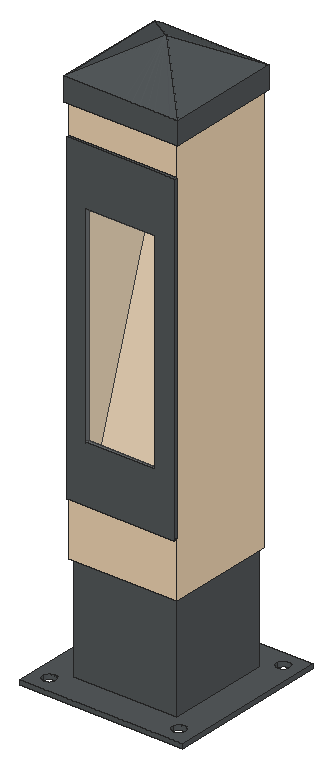
Revit family "Баум", category Осветительные приборы, Revit 2019 (continued)
Parameters (values of type "ДТУ961 Светодиодный светильник Баум ДТУ-96-AF-4Вт-0,6")
    4 0.4 0.4 0.4 0.4 0.4 0.4 0.4 0.4 0.4 0.4 0.4 0.4 0.6 0.4 0.4 0.4 0.4 0.4 0.4 0.4 0.4 0.4 0.4 0.4 0.4 0.4 0.4 0.4 0.4\r\n 0.4 0.4 0.4 0.4 0.4 0.4 0.4 0.4 0.4 0.4 0.4 0.4 0.4 0.4 0.4 0.4 0.4 0.4 0.4 0.4 0.4 0.4 0.4 0.4 0.4 0.4 0.4 0.4 0.4 0.4 0.4 0.4\r\n 0.4 0.4 0.4 0.4 0.4 0.4 0.4 0.4 0.4 0.4 0.4 0.4 0.4 0.4 0.4 0.4 0.4 0.4 0.4 0.4 0.4 0.4 0.4 0.4 0.4 0.4 0.4 0.4 0.4 0.4 0.4 0.4\r\n 0.4 0.4 0.4 0.4 0.4 0.4 0.4 0.4 0.4 0.4 0.4 0.4 0.4 0.4 0.4 0.4 0.4 0.4 0.4 0.4 0.4 0.4 0.4 0.4 0.4 0.4 0.4 0.4 0.4 0.4 0.4 0.4\r\n 0.4 0.4 0.4 0.4 0.4 0.4 0.4 0.4 0.4 0.4 0.2 0.2 0.2 0.2 0.2 0.2 0.2 0.0 0.0 0.0 0.0\r\n0.0 0.0 0.0 0.0 0.0 0.0 0.2 0.2 0.4 0.4 0.4 0.4 0.4 0.4 0.4 0.4 0.4 0.4 0.4 0.4 0.4 0.4 0.4 0.4 0.4 0.4 0.4 0.4 0.4 0.4 0.4 0.4\r\n 0.4 0.4 0.4 0.4 0.4 0.4 0.4 0.4 0.4 0.4 0.4 0.4 0.4 0.4 0.4 0.7 0.6 0.4 0.4 0.4 0.4 0.4 0.4 0.4 0.4 0.4 0.4 0.4 0.4 0.4 0.4 0.4\r\n 0.4 0.4 0.4 0.4 0.4 0.4 0.4 0.4 0.4 0.4 0.4 0.4 0.4 0.4 0.4 0.4 0.4 0.4 0.4 0.4 0.4 0.4 0.4 0.4 0.4 0.4 0.4 0.4 0.4 0.4 0.4 0.4\r\n 0.4 0.4 0.4 0.4 0.4 0.4 0.4 0.4 0.4 0.4 0.4 0.4 0.4 0.4 0.4 0.4 0.4 0.4 0.4 0.4 0.4 0.4 0.4 0.4 0.4 0.4 0.4 0.4 0.4 0.4 0.4 0.4\r\n 0.4 0.4 0.4 0.4 0.4 0.4 0.4 0.4 0.4 0.4 0.4 0.4 0.4 0.4 0.4 0.4 0.4 0.4 0.4 0.4 0.4 0.4 0.4 0.4 0.4 0.4 0.4 0.4 0.4 0.4 0.4 0.4\r\n 0.4 0.4 0.4 0.4 0.4 0.4 0.4 0.4 0.4 0.4 0.2 0.2 0.2 0.2 0.2 0.2 0.0 0.0 0.0 0.0 0.0\r\n0.0 0.0 0.0 0.0 0.0 0.0 0.0 0.2 0.4 0.4 0.4 0.4 0.4 0.4 0.4 0.4 0.4 0.4 0.4 0.4 0.4 0.4 0.4 0.4 0.4 0.4 0.4 0.4 0.4 0.4 0.4 0.6\r\n 0.4 0.4 0.4 0.4 0.4 0.4 0.4 0.4 0.4 0.4 0.4 0.4 0.4 0.4 0.4 0.4 0.4 0.4 0.4 0.4 0.4 0.4 0.4 0.4 0.4 0.4 0.4 0.4 0.4 0.4 0.4 0.4\r\n 0.4 0.4 0.4 0.4 0.4 0.4 0.4 0.4 0.4 0.4 0.4 0.4 0.4 0.4 0.4 0.4 0.4 0.4 0.4 0.4 0.4 0.4 0.4 0.4 0.4 0.4 0.4 0.4 0.4 0.4 0.4 0.4\r\n 0.4 0.4 0.4 0.4 0.4 0.4 0.4 0.4 0.4 0.4 0.4 0.4 0.4 0.4 0.4 0.4 0.4 0.4 0.4 0.4 0.4 0.4 0.4 0.4 0.4 0.4 0.4 0.4 0.4 0.4 0.4 0.4\r\n 0.4 0.4 0.4 0.4 0.4 0.4 0.4 0.4 0.4 0.4 0.4 0.4 0.4 0.4 0.4 0.4 0.4 0.4 0.4 0.4 0.4 0.4 0.4 0.4 0.4 0.4 0.4 0.4 0.4 0.4 0.4 0.4\r\n 0.4 0.4 0.4 0.4 0.4 0.4 0.4 0.4 0.4 0.4 0.2 0.2 0.2 0.2 0.2 0.2 0.0 0.0 0.0 0.0 0.0\r\n0.0 0.0 0.0 0.0 0.0 0.0 0.0 0.2 0.4 0.4 0.4 0.4 0.4 0.4 0.4 0.4 0.4 0.4 0.4 0.4 0.4 0.4 0.4 0.4 0.4 0.4 0.4 0.4 0.4 0.4 0.4 0.4\r\n 0.4 0.4 0.4 0.4 0.4 0.4 0.4 0.4 0.4 0.4 0.4 0.4 0.4 0.4 0.4 0.4 0.4 0.4 0.4 0.4 0.4 0.4 0.4 0.4 0.4 0.4 0.4 0.4 0.4 0.4 0.4 0.4\r\n 0.4 0.4 0.4 0.4 0.4 0.4 0.4 0.4 0.4 0.4 0.4 0.4 0.4 0.4 0.4 0.4 0.4 0.4 0.4 0.4 0.4 0.4 0.4 0.4 0.4 0.4 0.4 0.4 0.4 0.4 0.4 0.4\r\n 0.4 0.4 0.4 0.4 0.4 0.4 0.4 0.4 0.4 0.4 0.4 0.4 0.4 0.4 0.4 0.4 0.4 0.4 0.4 0.4 0.4 0.4 0.4 0.4 0.4 0.4 0.4 0.4 0.4 0.4 0.4 0.4\r\n 0.4 0.4 0.4 0.4 0.4 0.4 0.4 0.4 0.4 0.4 0.4 0.4 0.4 0.4 0.4 0.4 0.4 0.4 0.4 0.4 0.4 0.4 0.4 0.4 0.4 0.4 0.4 0.4 0.4 0.4 0.4 0.4\r\n 0.4 0.4 0.4 0.4 0.4 0.4 0.4 0.4 0.4 0.4 0.2 0.2 0.2 0.2 0.2 0.0 0.0 0.0 0.0 0.0 0.0\r\n0.0 0.0 0.0 0.0 0.0 0.0 0.0 0.0 0.2 0.4 0.4 0.4 0.4 0.4 0.4 0.4 0.4 0.4 0.4 0.4 0.4 0.4 0.4 0.4 0.4 0.4 0.4 0.4 0.4 0.4 0.4 0.4\r\n 0.4 0.4 0.4 0.4 0.4 0.4 0.4 0.4 0.4 0.4 0.4 0.4 0.4 0.4 0.4 0.4 0.4 0.4 0.4 0.4 0.4 0.4 0.4 0.4 0.4 0.4 0.4 0.4 0.4 0.4 0.4 0.4\r\n 0.4 0.4 0.4 0.4 0.4 0.4 0.4 0.4 0.4 0.4 0.4 0.4 0.4 0.4 0.4 0.4 0.4 0.4 0.4 0.4 0.4 0.4 0.4 0.4 0.4 0.4 0.4 0.4 0.4 0.4 0.4 0.4\r\n 0.4 0.4 0.4 0.4 0.4 0.4 0.4 0.4 0.4 0.4 0.4 0.4 0.4 0.4 0.4 0.4 0.4 0.4 0.4 0.4 0.4 0.4 0.4 0.4 0.4 0.4 0.4 0.4 0.4 0.4 0.4 0.4\r\n 0.4 0.4 0.4 0.4 0.4 0.4 0.4 0.4 0.4 0.4 0.4 0.4 0.4 0.4 0.4 0.4 0.4 0.4 0.4 0.4 0.4 0.4 0.4 0.4 0.4 0.4 0.4 0.4 0.4 0.4 0.4 0.4\r\n 0.4 0.4 0.4 0.4 0.4 0.4 0.4 0.4 0.4 0.4 0.2 0.2 0.2 0.2 0.0 0.0 0.0 0.0 0.0 0.0 0.0\r\n0.0 0.0 0.0 0.0 0.0 0.0 0.0 0.0 0.2 0.2 0.2 0.4 0.4 0.4 0.4 0.4 0.4 0.4 0.4 0.4 0.4 0.4 0.4 0.4 0.4 0.4 0.4 0.4 0.4 0.4 0.4 0.4\r\n 0.4 0.4 0.4 0.4 0.4 0.4 0.4 0.4 0.4 0.4 0.4 0.4 0.4 0.4 0.4 0.4 0.4 0.4 0.4 0.4 0.4 0.4 0.4 0.4 0.4 0.4 0.4 0.4 0.4 0.4 0.4 0.4\r\n 0.4 0.4 0.4 0.4 0.4 0.4 0.4 0.4 0.4 0.4 0.4 0.4 0.4 0.4 0.4 0.4 0.4 0.4 0.4 0.4 0.4 0.4 0.4 0.4 0.4 0.4 0.4 0.4 0.4 0.4 0.4 0.4\r\n 0.4 0.4 0.4 0.4 0.4 0.4 0.4 0.4 0.4 0.4 0.4 0.4 0.4 0.4 0.4 0.4 0.4 0.4 0.4 0.4 0.4 0.4 0.4 0.4 0.4 0.4 0.4 0.4 0.4 0.4 0.4 0.4\r\n 0.4 0.4 0.4 0.4 0.4 0.4 0.4 0.4 0.4 0.4 0.4 0.4 0.4 0.4 0.4 0.4 0.4 0.4 0.4 0.4 0.4 0.4 0.4 0.4 0.4 0.4 0.4 0.4 0.4 0.4 0.4 0.4\r\n 0.4 0.4 0.4 0.4 0.4 0.4 0.4 0.4 0.4 0.4 0.2 0.2 0.2 0.0 0.0 0.0 0.0 0.0 0.0 0.0 0.0\r\n0.0 0.0 0.0 0.0 0.0 0.0 0.0 0.0 0.2 0.2 0.2 0.2 0.4 0.4 0.4 0.4 0.4 0.4 0.4 0.4 0.4 0.4 0.4 0.4 0.4 0.4 0.4 0.4 0.4 0.4 0.4 0.4\r\n 0.4 0.4 0.4 0.4 0.4 0.4 0.4 0.4 0.4 0.4 0.4 0.4 0.4 0.4 0.4 0.4 0.4 0.4 0.4 0.4 0.4 0.4 0.4 0.4 0.4 0.4 0.4 0.4 0.4 0.4 0.4 0.4\r\n 0.4 0.4 0.4 0.4 0.4 0.4 0.4 0.4 0.4 0.4 0.4 0.4 0.4 0.4 0.4 0.4 0.4 0.4 0.4 0.4 0.4 0.4 0.4 0.4 0.4 0.4 0.4 0.4 0.4 0.4 0.4 0.4\r\n 0.4 0.4 0.4 0.4 0.4 0.4 0.4 0.4 0.4 0.4 0.4 0.4 0.4 0.4 0.4 0.4 0.4 0.4 0.4 0.4 0.4 0.4 0.4 0.4 0.4 0.4 0.4 0.4 0.4 0.4 0.4 0.4\r\n 0.4 0.4 0.4 0.4 0.4 0.4 0.4 0.4 0.4 0.4 0.4 0.4 0.4 0.4 0.4 0.4 0.4 0.4 0.4 0.4 0.4 0.4 0.4 0.4 0.4 0.4 0.4 0.4 0.4 0.4 0.4 0.4\r\n 0.4 0.4 0.4 0.4 0.4 0.4 0.4 0.4 0.4 0.4 0.2 0.2 0.2 0.0 0.0 0.0 0.0 0.0 0.0 0.0 0.0\r\n0.0 0.0 0.0 0.0 0.0 0.0 0.0 0.0 0.2 0.2 0.2 0.2 0.2 0.4 0.4 0.4 0.4 0.4 0.4 0.4 0.4 0.4 0.4 0.4 0.4 0.4 0.4 0.4 0.4 0.4 0.4 0.4\r\n 0.4 0.4 0.4 0.4 0.4 0.4 0.4 0.4 0.4 0.4 0.4 0.4 0.4 0.4 0.4 0.4 0.4 0.4 0.4 0.4 0.4 0.4 0.4 0.4 0.4 0.4 0.4 0.4 0.4 0.4 0.4 0.4\r\n 0.4 0.4 0.4 0.4 0.4 0.4 0.4 0.4 0.4 0.4 0.4 0.4 0.4 0.4 0.4 0.4 0.4 0.4 0.4 0.4 0.4 0.4 0.4 0.4 0.4 0.4 0.4 0.4 0.4 0.4 0.4 0.4\r\n 0.4 0.4 0.4 0.4 0.4 0.4 0.4 0.4 0.4 0.4 0.4 0.4 0.4 0.4 0.4 0.4 0.4 0.4 0.4 0.4 0.4 0.4 0.4 0.4 0.4 0.4 0.4 0.4 0.6 0.9 0.4 0.4\r\n 0.4 0.4 0.4 0.4 0.4 0.4 0.4 0.4 0.4 0.4 0.4 0.4 0.4 0.4 0.4 0.4 0.4 0.4 0.4 0.4 0.4 0.4 0.4 0.4 0.4 0.4 0.4 0.4 0.4 0.4 0.4 0.4\r\n 0.4 0.4 0.4 0.4 0.4 0.4 0.4 0.4 0.4 0.4 0.2 0.2 0.2 0.0 0.0 0.0 0.0 0.0 0.0 0.0 0.0\r\n0.0 0.0 0.0 0.0 0.0 0.0 0.0 0.0 0.2 0.2 0.2 0.2 0.2 0.2 0.4 0.4 0.2 0.4 0.4 0.2 0.2 0.2 0.4 0.4 0.4 0.4 0.4 0.4 0.4 0.4 0.4 0.4\r\n 0.4 0.4 0.4 0.4 0.4 0.4 0.4 0.4 0.4 0.4 0.4 0.4 0.4 0.4 0.4 0.4 0.4 0.4 0.4 0.4 0.4 0.4 0.4 0.4 0.4 0.4 0.4 0.4 0.4 0.4 0.4 0.4\r\n 0.4 0.4 0.4 0.4 0.4 0.4 0.4 0.4 0.4 0.4 0.4 0.4 0.4 0.4 0.4 0.4 0.4 0.4 0.4 0.4 0.4 0.4 0.4 0.4 0.4 0.4 0.4 0.4 0.4 0.4 0.4 0.4\r\n 0.4 0.4 0.4 0.4 0.4 0.4 0.4 0.4 0.4 0.4 0.4 0.4 0.4 0.4 0.4 0.4 0.4 0.4 0.4 0.4 0.4 0.4 0.4 0.4 0.4 0.4 0.4 0.4 0.6 0.4 0.4 0.4\r\n 0.4 0.4 0.4 0.4 0.4 0.4 0.4 0.4 0.4 0.4 0.4 0.4 0.4 0.4 0.4 0.4 0.4 0.4 0.4 0.4 0.4 0.4 0.4 0.4 0.4 0.4 0.4 0.4 0.4 0.4 0.4 0.4\r\n 0.4 0.4 0.4 0.4 0.4 0.4 0.4 0.4 0.4 0.2 0.2 0.2 0.0 0.0 0.0 0.0 0.0 0.0 0.0 0.0 0.0\r\n0.0 0.0 0.0 0.0 0.0 0.0 0.0 0.0 0.2 0.2 0.2 0.2 0.2 0.2 0.2 0.2 0.2 0.2 0.2 0.4 0.2 0.2 0.4 0.2 0.4 0.4 0.4 0.4 0.4 0.4 0.4 0.4\r\n 0.4 0.4 0.4 0.4 0.4 0.4 0.4 0.4 0.4 0.4 0.4 0.4 0.4 0.4 0.4 0.4 0.4 0.4 0.4 0.4 0.4 0.4 0.4 0.4 0.4 0.4 0.4 0.4 0.4 0.4 0.4 0.4\r\n 0.4 0.4 0.4 0.4 0.4 0.4 0.4 0.4 0.4 0.4 0.4 0.4 0.4 0.4 0.4 0.4 0.4 0.4 0.4 0.4 0.4 0.4 0.4 0.4 0.4 0.4 0.4 0.4 0.4 0.4 0.4 0.4\r\n 0.4 0.4 0.4 0.4 0.4 0.4 0.4 0.4 0.4 0.4 0.4 0.4 0.4 0.4 0.4 0.4 0.4 0.4 0.4 0.4 0.4 0.4 0.4 0.4 0.4 0.4 0.4 0.4 0.4 0.4 0.4 0.4\r\n 0.4 0.4 0.4 0.4 0.4 0.4 0.4 0.4 0.4 0.4 0.4 0.4 0.4 0.4 0.4 0.4 0.4 0.4 0.4 0.4 0.4 0.4 0.4 0.4 0.4 0.4 0.4 0.4 0.4 0.4 0.4 0.4\r\n 0.4 0.4 0.4 0.4 0.4 0.4 0.2 0.2 0.2 0.2 0.2 0.2 0.0 0.0 0.0 0.0 0.0 0.0 0.0 0.0 0.0\r\n0.0 0.0 0.0 0.0 0.0 0.0 0.0 0.0 0.2 0.2 0.2 0.2 0.2 0.2 0.2 0.2 0.2 0.2 0.2 0.2 0.2 0.2 0.4 0.4 0.2 0.4 0.4 0.4 0.4 0.4 0.4 0.4\r\n 0.4 0.4 0.4 0.4 0.4 0.4 0.4 0.4 0.4 0.4 0.4 0.4 0.4 0.4 0.4 0.4 0.4 0.4 0.4 0.4 0.4 0.4 0.4 0.4 0.4 0.4 0.4 0.4 0.4 0.4 0.4 0.4\r\n 0.4 0.4 0.4 0.4 0.4 0.4 0.4 0.4 0.4 0.4 0.4 0.4 0.4 0.4 0.4 0.4 0.4 0.4 0.4 0.4 0.4 0.4 0.4 0.4 0.4 0.4 0.4 0.4 0.4 0.4 0.4 0.4\r\n 0.4 0.4 0.4 0.4 0.4 0.4 0.4 0.4 0.4 0.4 0.4 0.4 0.4 0.4 0.4 0.4 0.4 0.4 0.4 0.4 0.4 0.4 0.4 0.4 0.4 0.4 0.4 0.4 0.4 0.4 0.4 0.4\r\n 0.4 0.4 0.4 0.4 0.4 0.4 0.4 0.4 0.4 0.4 0.4 0.4 0.4 0.4 0.4 0.4 0.4 0.4 0.4 0.4 0.4 0.4 0.4 0.4 0.4 0.4 0.4 0.4 0.4 0.4 0.4 0.4\r\n 0.4 0.4 0.4 0.2 0.2 0.2 0.2 0.2 0.2 0.2 0.2 0.2 0.0 0.0 0.0 0.0 0.0 0.0 0.0 0.0 0.0\r\n0.0 0.0 0.0 0.0 0.0 0.0 0.0 0.0 0.2 0.2 0.2 0.2 0.2 0.2 0.2 0.2 0.2 0.2 0.2 0.2 0.2 0.2 0.2 0.2 0.2 0.4 0.4 0.4 0.4 0.4 0.4 0.4\r\n 0.2 0.4 0.4 0.4 0.4 0.2 0.4 0.2 0.4 0.4 0.4 0.4 0.4 0.4 0.4 0.4 0.4 0.4 0.4 0.4 0.4 0.4 0.4 0.4 0.4 0.4 0.4 0.4 0.4 0.4 0.4 0.4\r\n 0.4 0.4 0.4 0.4 0.4 0.4 0.4 0.4 0.4 0.4 0.4 0.4 0.4 0.4 0.4 0.4 0.4 0.4 0.4 0.4 0.4 0.4 0.4 0.4 0.4 0.4 0.4 0.4 0.4 0.4 0.4 0.4\r\n 0.4 0.4 0.4 0.4 0.4 0.4 0.4 0.4 0.4 0.4 0.4 0.4 0.4 0.4 0.4 0.4 0.4 0.4 0.4 0.4 0.4 0.4 0.4 0.4 0.4 0.4 0.4 0.4 0.4 0.4 0.4 0.4\r\n 0.4 0.4 0.4 0.4 0.4 0.4 0.4 0.2 0.4 0.4 0.4 0.2 0.4 0.4 0.4 0.4 0.4 0.4 0.4 0.4 0.4 0.4 0.4 0.4 0.4 0.4 0.4 0.4 0.4 0.4 0.4 0.2\r\n 0.2 0.2 0.2 0.2 0.2 0.2 0.2 0.2 0.2 0.2 0.2 0.0 0.0 0.0 0.0 0.0 0.0 0.0 0.0 0.0 0.0\r\n0.0 0.0 0.0 0.0 0.0 0.0 0.0 0.0 0.2 0.2 0.2 0.2 0.2 0.2 0.2 0.2 0.2 0.2 0.2 0.2 0.2 0.2 0.2 0.2 0.2 0.2 0.2 0.2 0.2 0.2 0.2 0.2\r\n 0.2 0.2 0.4 0.2 0.4 0.4 0.4 0.2 0.4 0.4 0.4 0.4 0.4 0.4 0.4 0.4 0.4 0.4 0.4 0.4 0.4 0.4 0.4 0.4 0.4 0.4 0.4 0.4 0.4 0.4 0.4 0.4\r\n 0.4 0.4 0.4 0.4 0.4 0.4 0.4 0.4 0.4 0.4 0.4 0.4 0.4 0.4 0.4 0.4 0.4 0.4 0.4 0.4 0.4 0.4 0.4 0.4 0.4 0.4 0.4 0.4 0.4 0.4 0.4 0.4\r\n 0.4 0.4 0.4 0.4 0.4 0.4 0.4 0.4 0.4 0.4 0.4 0.4 0.4 0.4 0.4 0.4 0.4 0.4 0.4 0.4 0.4 0.4 0.4 0.4 0.4 0.4 0.4 0.4 0.4 0.4 0.4 0.4\r\n 0.4 0.4 0.4 0.4 0.4 0.4 0.4 0.4 0.4 0.4 0.4 0.4 0.4 0.4 0.4 0.4 0.4 0.4 0.4 0.2 0.2 0.2 0.2 0.2 0.2 0.2 0.2 0.2 0.2 0.2 0.2 0.2\r\n 0.2 0.2 0.2 0.2 0.2 0.2 0.2 0.2 0.2 0.2 0.0 0.0 0.0 0.0 0.0 0.0 0.0 0.0 0.0 0.0 0.0\r\n0.0 0.0 0.0 0.0 0.0 0.0 0.0 0.0 0.2 0.2 0.2 0.2 0.2 0.2 0.2 0.2 0.2 0.2 0.2 0.2 0.2 0.2 0.2 0.2 0.2 0.2 0.2 0.2 0.2 0.2 0.2 0.2\r\n 0.2 0.2 0.2 0.2 0.2 0.2 0.2 0.2 0.2 0.2 0.2 0.2 0.2 0.2 0.2 0.2 0.2 0.2 0.2 0.2 0.2 0.2 0.2 0.2 0.2 0.2 0.2 0.4 0.2 0.2 0.2 0.4\r\n 0.4 0.4 0.4 0.4 0.4 0.4 0.4 0.4 0.4 0.4 0.2 0.4 0.4 0.2 0.4 0.4 0.2 0.4 0.4 0.4 0.4 0.4 0.4 0.4 0.4 0.4 0.4 0.4 0.4 0.4 0.4 0.4\r\n 0.4 0.4 0.4 0.4 0.4 0.4 0.4 0.4 0.2 0.4 0.4 0.4 0.4 0.4 0.4 0.2 0.4 0.4 0.4 0.2 0.4 0.4 0.2 0.2 0.2 0.2 0.4 0.2 0.2 0.4 0.4 0.2\r\n 0.2 0.2 0.2 0.2 0.2 0.2 0.2 0.2 0.2 0.2 0.2 0.2 0.2 0.2 0.2 0.2 0.2 0.2 0.2 0.2 0.2 0.2 0.2 0.2 0.2 0.2 0.2 0.2 0.2 0.2 0.2 0.2\r\n 0.2 0.2 0.2 0.2 0.2 0.2 0.2 0.2 0.2 0.2 0.0 0.0 0.0 0.0 0.0 0.0 0.0 0.0 0.0 0.0 0.0\r\n0.0 0.0 0.0 0.0 0.0 0.0 0.0 0.0 0.2 0.2 0.2 0.2 0.2 0.2 0.2 0.2 0.2 0.2 0.2 0.2 0.2 0.2 0.2 0.2 0.2 0.2 0.2 0.2 0.2 0.2 0.2 0.2\r\n 0.2 0.2 0.2 0.2 0.2 0.2 0.2 0.2 0.2 0.2 0.2 0.2 0.2 0.2 0.2 0.2 0.2 0.2 0.2 0.2 0.2 0.2 0.2 0.2 0.2 0.2 0.2 0.2 0.2 0.2 0.2 0.2\r\n 0.2 0.2 0.2 0.2 0.2 0.2 0.2 0.2 0.2 0.2 0.2 0.2 0.2 0.2 0.2 0.2 0.2 0.2 0.2 0.2 0.2 0.2 0.2 0.2 0.2 0.2 0.2 0.2 0.2 0.2 0.2 0.2\r\n 0.2 0.2 0.2 0.2 0.2 0.2 0.2 0.2 0.2 0.2 0.2 0.2 0.2 0.2 0.2 0.2 0.2 0.2 0.2 0.2 0.2 0.2 0.2 0.2 0.2 0.2 0.2 0.2 0.2 0.2 0.2 0.2\r\n 0.2 0.2 0.2 0.2 0.2 0.2 0.2 0.2 0.2 0.2 0.2 0.2 0.2 0.2 0.2 0.2 0.2 0.2 0.2 0.2 0.2 0.2 0.2 0.2 0.2 0.2 0.2 0.2 0.2 0.2 0.2 0.2\r\n 0.2 0.2 0.2 0.2 0.2 0.2 0.2 0.2 0.2 0.2 0.0 0.0 0.0 0.0 0.0 0.0 0.0 0.0 0.0 0.0 0.0\r\n0.0 0.0 0.0 0.0 0.0 0.0 0.0 0.0 0.2 0.2 0.2 0.2 0.2 0.2 0.2 0.2 0.2 0.2 0.2 0.2 0.2 0.2 0.2 0.2 0.2 0.2 0.2 0.2 0.2 0.2 0.2 0.2\r\n 0.2 0.2 0.2 0.2 0.2 0.2 0.2 0.2 0.2 0.2 0.2 0.2 0.2 0.2 0.2 0.2 0.2 0.2 0.2 0.2 0.2 0.2 0.2 0.2 0.2 0.2 0.2 0.2 0.2 0.2 0.2 0.2\r\n 0.2 0.2 0.2 0.2 0.2 0.2 0.2 0.2 0.2 0.2 0.2 0.2 0.2 0.2 0.2 0.2 0.2 0.2 0.2 0.2 0.2 0.2 0.2 0.2 0.2 0.2 0.2 0.2 0.2 0.2 0.2 0.2\r\n 0.2 0.2 0.2 0.2 0.2 0.2 0.2 0.2 0.2 0.2 0.2 0.2 0.2 0.2 0.2 0.2 0.2 0.2 0.2 0.2 0.2 0.2 0.2 0.2 0.2 0.2 0.2 0.2 0.2 0.2 0.2 0.2\r\n 0.2 0.2 0.2 0.2 0.2 0.2 0.2 0.2 0.2 0.2 0.2 0.2 0.2 0.2 0.2 0.2 0.2 0.2 0.2 0.2 0.2 0.2 0.2 0.2 0.2 0.2 0.2 0.2 0.2 0.2 0.2 0.2\r\n 0.2 0.2 0.2 0.2 0.2 0.2 0.2 0.2 0.2 0.2 0.0 0.0 0.0 0.0 0.0 0.0 0.0 0.0 0.0 0.0 0.0\r\n0.0 0.0 0.0 0.0 0.0 0.0 0.0 0.0 0.2 0.2 0.2 0.2 0.2 0.2 0.2 0.2 0.2 0.2 0.2 0.2 0.2 0.2 0.2 0.2 0.2 0.2 0.2 0.2 0.2 0.2 0.2 0.2\r\n 0.2 0.2 0.2 0.2 0.2 0.2 0.2 0.2 0.2 0.2 0.2 0.2 0.2 0.2 0.2 0.2 0.2 0.2 0.2 0.2 0.2 0.2 0.4 0.4 0.4 0.2 0.2 0.4 0.4 0.4 0.2 0.4\r\n 0.2 0.4 0.4 0.4 0.4 0.4 0.4 0.4 0.4 0.4 0.4 0.4 0.4 0.4 0.4 0.4 0.4 0.4 0.4 0.4 0.4 0.4 0.4 0.4 0.4 0.4 0.4 0.4 0.4 0.4 0.4 0.4\r\n 0.4 0.4 0.4 0.4 0.4 0.4 0.4 0.4 0.4 0.4 0.4 0.4 0.4 0.4 0.4 0.4 0.4 0.4 0.4 0.4 0.4 0.4 0.2 0.2 0.2 0.4 0.2 0.2 0.2 0.2 0.2 0.2\r\n 0.2 0.2 0.2 0.2 0.2 0.2 0.2 0.2 0.2 0.2 0.2 0.2 0.2 0.2 0.2 0.2 0.2 0.2 0.2 0.2 0.2 0.2 0.2 0.2 0.2 0.2 0.2 0.2 0.2 0.2 0.2 0.2\r\n 0.2 0.2 0.2 0.2 0.2 0.2 0.2 0.2 0.2 0.2 0.0 0.0 0.0 0.0 0.0 0.0 0.0 0.0 0.0 0.0 0.0\r\n0.0 0.0 0.0 0.0 0.0 0.0 0.0 0.0 0.2 0.2 0.2 0.2 0.2 0.2 0.2 0.2 0.2 0.2 0.2 0.2 0.2 0.2 0.2 0.2 0.2 0.2 0.2 0.2 0.2 0.2 0.4 0.4\r\n 0.4 0.4 0.4 0.4 0.4 0.4 0.4 0.4 0.4 0.4 0.4 0.4 0.4 0.4 0.4 0.4 0.4 0.4 0.4 0.4 0.4 0.4 0.4 0.4 0.4 0.4 0.4 0.4 0.4 0.4 0.4 0.4\r\n 0.4 0.4 0.4 0.4 0.4 0.4 0.4 0.4 0.4 0.4 0.4 0.4 0.4 0.4 0.4 0.4 0.4 0.4 0.4 0.4 0.4 0.4 0.4 0.4 0.4 0.4 0.4 0.4 0.4 0.4 0.4 0.4\r\n 0.4 0.4 0.4 0.4 0.4 0.4 0.4 0.4 0.4 0.4 0.4 0.4 0.4 0.4 0.4 0.4 0.4 0.4 0.4 0.4 0.4 0.4 0.4 0.4 0.4 0.4 0.4 0.4 0.4 0.4 0.4 0.4\r\n 0.4 0.4 0.4 0.4 0.4 0.4 0.4 0.4 0.4 0.4 0.4 0.4 0.4 0.4 0.4 0.4 0.4 0.4 0.4 0.4 0.4 0.2 0.2 0.2 0.2 0.2 0.2 0.2 0.2 0.2 0.2 0.2\r\n 0.2 0.2 0.2 0.2 0.2 0.2 0.2 0.2 0.2 0.2 0.0 0.0 0.0 0.0 0.0 0.0 0.0 0.0 0.0 0.0 0.0\r\n0.0 0.0 0.0 0.0 0.0 0.0 0.0 0.0 0.2 0.2 0.2 0.2 0.2 0.2 0.2 0.2 0.2 0.2 0.2 0.2 0.2 0.2 0.4 0.4 0.4 0.4 0.4 0.4 0.4 0.4 0.4 0.4\r\n 0.4 0.4 0.4 0.4 0.4 0.4 0.4 0.4 0.4 0.4 0.4 0.4 0.4 0.4 0.4 0.4 0.4 0.4 0.4 0.4 0.4 0.4 0.4 0.4 0.4 0.4 0.4 0.4 0.4 0.4 0.4 0.4\r\n 0.4 0.4 0.4 0.4 0.4 0.4 0.4 0.4 0.4 0.4 0.4 0.4 0.4 0.4 0.4 0.4 0.4 0.4 0.4 0.4 0.4 0.4 0.4 0.4 0.4 0.4 0.4 0.4 0.4 0.4 0.4 0.4\r\n 0.4 0.4 0.4 0.4 0.4 0.4 0.4 0.4 0.4 0.4 0.4 0.4 0.4 0.4 0.4 0.4 0.4 0.4 0.4 0.4 0.4 0.4 0.4 0.4 0.4 0.4 0.4 0.4 0.4 0.4 0.4 0.4\r\n 0.4 0.4 0.4 0.4 0.4 0.4 0.4 0.4 0.4 0.4 0.4 0.4 0.4 0.4 0.4 0.4 0.4 0.4 0.4 0.4 0.4 0.4 0.4 0.4 0.4 0.4 0.2 0.4 0.4 0.2 0.2 0.2\r\n 0.2 0.2 0.2 0.2 0.2 0.2 0.2 0.2 0.2 0.2 0.2 0.0 0.0 0.0 0.0 0.0 0.0 0.0 0.0 0.0 0.0\r\n0.0 0.0 0.0 0.0 0.0 0.0 0.0 0.0 0.2 0.2 0.2 0.2 0.2 0.2 0.2 0.2 0.2 0.4 0.4 0.4 0.4 0.4 0.4 0.4 0.4 0.4 0.4 0.4 0.4 0.4 0.4 0.4\r\n 0.4 0.4 0.4 0.4 0.4 0.4 0.4 0.4 0.4 0.4 0.4 0.4 0.4 0.4 0.4 0.4 0.4 0.4 0.4 0.4 0.4 0.4 0.4 0.4 0.4 0.4 0.4 0.4 0.4 0.4 0.4 0.4\r\n 0.4 0.4 0.4 0.4 0.4 0.4 0.4 0.4 0.4 0.4 0.4 0.4 0.4 0.4 0.4 0.4 0.4 0.4 0.4 0.4 0.4 0.4 0.4 0.4 0.4 0.4 0.4 0.4 0.4 0.4 0.4 0.4\r\n 0.4 0.4 0.4 0.4 0.4 0.4 0.4 0.4 0.4 0.4 0.4 0.4 0.4 0.4 0.4 0.4 0.4 0.4 0.4 0.4 0.4 0.4 0.4 0.4 0.4 0.4 0.4 0.4 0.4 0.4 0.4 0.4\r\n 0.4 0.4 0.4 0.4 0.4 0.4 0.4 0.4 0.4 0.4 0.4 0.4 0.4 0.4 0.4 0.4 0.4 0.4 0.4 0.4 0.4 0.4 0.4 0.4 0.4 0.4 0.4 0.4 0.4 0.4 0.4 0.4\r\n 0.2 0.2 0.2 0.2 0.2 0.2 0.2 0.2 0.2 0.2 0.2 0.0 0.0 0.0 0.0 0.0 0.0 0.0 0.0 0.0 0.0\r\n0.0 0.0 0.0 0.0 0.0 0.0 0.0 0.0 0.2 0.2 0.2 0.2 0.2 0.2 0.4 0.4 0.4 0.4 0.4 0.4 0.4 0.4 0.4 0.4 0.4 0.4 0.4 0.4 0.4 0.4 0.4 0.4\r\n 0.4 0.4 0.4 0.4 0.4 0.4 0.4 0.4 0.4 0.4 0.4 0.4 0.4 0.4 0.4 0.4 0.4 0.4 0.4 0.4 0.4 0.4 0.4 0.4 0.4 0.4 0.4 0.4 0.4 0.4 0.4 0.4\r\n 0.4 0.4 0.4 0.4 0.4 0.4 0.4 0.4 0.4 0.4 0.4 0.4 0.4 0.4 0.4 0.4 0.4 0.4 0.4 0.4 0.4 0.4 0.4 0.4 0.4 0.4 0.4 0.4 0.4 0.4 0.4 0.4\r\n 0.4 0.4 0.4 0.4 0.4 0.4 0.4 0.4 0.4 0.4 0.4 0.4 0.4 0.4 0.4 0.4 0.4 0.4 0.4 0.4 0.4 0.4 0.4 0.4 0.4 0.4 0.4 0.4 0.4 0.4 0.4 0.4\r\n 0.4 0.4 0.4 0.4 0.4 0.4 0.4 0.4 0.4 0.4 0.4 0.4 0.4 0.4 0.4 0.4 0.4 0.4 0.4 0.4 0.4 0.4 0.4 0.4 0.4 0.4 0.4 0.4 0.4 0.4 0.4 0.4\r\n 0.4 0.4 0.4 0.2 0.2 0.2 0.2 0.2 0.2 0.2 0.2 0.0 0.0 0.0 0.0 0.0 0.0 0.0 0.0 0.0 0.0\r\n0.0 0.0 0.0 0.0 0.0 0.0 0.0 0.0 0.2 0.2 0.2 0.4 0.4 0.4 0.4 0.4 0.4 0.4 0.4 0.4 0.4 0.4 0.4 0.4 0.4 0.4 0.4 0.4 0.4 0.4 0.4 0.4\r\n 0.4 0.4 0.4 0.4 0.4 0.4 0.4 0.4 0.4 0.4 0.4 0.4 0.4 0.4 0.4 0.4 0.4 0.4 0.4 0.4 0.4 0.4 0.4 0.4 0.4 0.4 0.4 0.4 0.4 0.4 0.4 0.4\r\n 0.4 0.4 0.4 0.4 0.4 0.4 0.4 0.4 0.4 0.4 0.4 0.4 0.4 0.4 0.4 0.4 0.4 0.4 0.4 0.4 0.4 0.4 0.4 0.4 0.4 0.4 0.4 0.4 0.4 0.4 0.4 0.4\r\n 0.4 0.4 0.4 0.4 0.4 0.4 0.4 0.4 0.4 0.4 0.4 0.4 0.4 0.4 0.4 0.4 0.4 0.4 0.4 0.4 0.4 0.4 0.4 0.4 0.4 0.4 0.4 0.4 0.4 0.4 0.4 0.4\r\n 0.4 0.4 0.4 0.4 0.4 0.4 0.4 0.4 0.4 0.4 0.4 0.4 0.4 0.4 0.4 0.4 0.4 0.4 0.4 0.4 0.4 0.4 0.4 0.4 0.4 0.4 0.4 0.4 0.4 0.4 0.4 0.4\r\n 0.4 0.4 0.4 0.4 0.4 0.4 0.2 0.2 0.2 0.2 0.2 0.2 0.0 0.0
